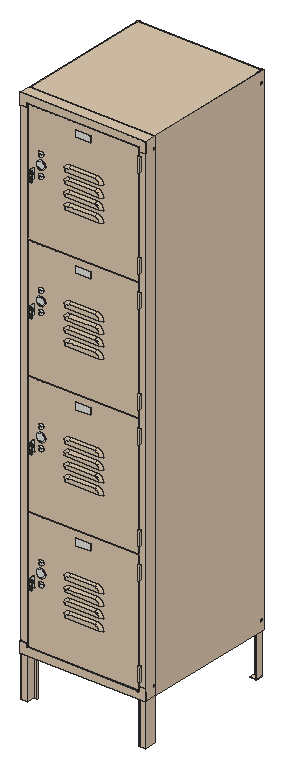
Revit family "Metal_Lockers-Salsbury_Industries-18_54000_Series-1_Wide_Units", category Specialty Equipment, Revit 2026 (continued)
Definition of nested family "Metal Locker End Panel"
  Forms (in)
    Extrusion 2, solid, material <- "Primary Structure Material", visible <- "Visible"
      sketch origin (0, 8.338, 0) x (0, 0, -1) y (1, 0, 0)
        loop
          line (-72, -5.0575) -> (0, -5.0575) -> (0, -4.1325) -> (-72, -4.1325) -> (-72, -5.0575)
      from 0 to -0.06
    Extrusion 3, solid, material <- "Primary Structure Material", visible <- "Visible"
      sketch origin (0, -12.672, 0) x (1, 0, 0) y (0, 0, 1)
        loop
          line (-5.0575, 70.283) -> (-5.0575, 1.717) -> (-4.1325, 1.717) -> (-4.1325, 70.283) -> (-5.0575, 70.283)
      from 0.06014 to 0
  Dimensions and locks (in)
    equal spacing: plane 6 "Front of Panel", plane 1 "Center (Front/Back)", plane 9 "Back of Panel"
    "Depth": plane 6 "Front of Panel" to plane 9 "Back of Panel"
    equal spacing: plane 8 "Left Side of Enclosure", plane 3 "Center (Left/Right)", plane 7 "Right Side of Enclosure"
    "Width": plane 8 "Left Side of Enclosure" to plane 7 "Right Side of Enclosure"
    equal spacing: plane 5 "Top of Panel", plane 10, plane 2
    "Height": plane 5 "Top of Panel" to plane 2
    locked: plane 5 "Top of Panel" to plane 11 at 1.717
    locked: plane 13 "Outside Edge of Front Flap" to plane 6 "Front of Panel" at 0.06014
    locked: plane 9 "Back of Panel" to plane 14 "Outside Edge of Back Flap" at 0.06
    aligned and locked: level to plane 2
    aligned and locked: plane 5 "Top of Panel" to Extrusion 1 sketch curve
    aligned and locked: plane 5 "Top of Panel" to Extrusion 2 sketch curve
    aligned and locked: Extrusion 2 to plane 9 "Back of Panel"
    aligned and locked: plane 11 to Extrusion 3 sketch curve
    aligned and locked: plane 6 "Front of Panel" to Extrusion 3
    aligned and locked: plane 14 "Outside Edge of Back Flap" to Extrusion 2
    aligned and locked: Extrusion 1 to plane 14 "Outside Edge of Back Flap"
    aligned and locked: plane 13 "Outside Edge of Front Flap" to Extrusion 3
    aligned and locked: Extrusion 2 to plane 7 "Right Side of Enclosure"
    aligned and locked: Extrusion 3 to plane 7 "Right Side of Enclosure"
  Automatic sketch dimensions
    Extrusion 1 sketch curve to level = 0.000"
    Extrusion 2 sketch curve to level = 0.000"
    plane 8 "Left Side of Enclosure" to Extrusion 2 sketch curve = 0.000"
    plane 7 "Right Side of Enclosure" to Extrusion 2 sketch curve = 0.000"
    plane 8 "Left Side of Enclosure" to Extrusion 3 sketch curve = 0.000"
    Extrusion 3 sketch curve to plane 12 = 0.000"
    plane 7 "Right Side of Enclosure" to Extrusion 3 sketch curve = 0.000"
    Extrusion 1 sketch curve to plane 14 "Outside Edge of Back Flap" = 0.000"
    plane 6 "Front of Panel" to Extrusion 1 sketch curve = 0.06014"
Definition of nested family "Metal Locker Front Filler"
  Parameters (values of type "77869 - for 6' H Lockers (Zee Base or No Legs)")
    Width = 9.000"
    Visible = yes
    Version = "1.0 (11/30/15)"
    Type Comments = "Vertical Front Filler for Standard Metal Lockers"
    Primary Structure Material = none
    Model = "77865"
    MasterFormat Title = ""
    MasterFormat Number = ""
    Manufacturer = "Salsbury Industries"
    Height = 72.000"
    Description = "9\" W Vertical Front Filler for 6' H Lockers"
    Depth = 1.500"
    Default Elevation = 0.000"
    Assembly Code = ""
  Types (9): name | Width | Visible | Model | Height | Description | Depth
    77865 - for 6' H Lockers with Legs | 15.000" | yes | "77865" | 78.000" | "15\" W Vertical Front Filler for 6' H Lockers" | 1.000"
    77869 - for 6' H Lockers with Legs | 9.000" | yes | "77865" | 78.000" | "9\" W Vertical Front Filler for 6' H Lockers" | 1.000"
    77855 - for 5' H Lockers with Legs | 15.000" | yes | "77855" | 66.000" | "15\" W Vertical Front Filler for 5' H Lockers" | 1.000"
    77859 - for 5' H Lockers with Legs | 9.000" | yes | "77859" | 66.000" | "9\" W Vertical Front Filler for 5' H Lockers" | 1.000"
    None | 15.000" | no | "n/a" | 78.000" | "" | 1.500"
    77865 - for 6' H Lockers (Zee Base or No Legs) | 15.000" | yes | "77865" | 72.000" | "15\" W Vertical Front Filler for 6' H Lockers" | 1.000"
    77869 - for 6' H Lockers (Zee Base or No Legs) | 9.000" | yes | "77865" | 72.000" | "9\" W Vertical Front Filler for 6' H Lockers" | 1.500"
    77859 - for 5' H Lockers (Zee Base or No Legs) | 9.000" | yes | "77859" | 60.000" | "9\" W Vertical Front Filler for 5' H Lockers" | 1.000"
    77855 - for 5' H Lockers (Zee Base or No Legs) | 15.000" | yes | "77855" | 60.000" | "15\" W Vertical Front Filler for 5' H Lockers" | 1.000"
  Reference planes (in)
    plane 1 "Center (Front/Back)": y = -2.167
    plane 2: z = 0
    plane 3 "Center (Left/Right)": x = -4.595
    plane 4 "Bottom of Filler": z = 0
    plane 5 "Top of Panel": z = 72
    plane 6 "Front of Filler": y = -2.917
    plane 7 "Right Side of Filler": x = -0.095
    plane 8 "Left Side of Filler": x = -9.095
    plane 9 "Back of Filler": y = -1.417
    plane 10: z = 36
  Forms (in)
    Extrusion 1, solid, material <- "Primary Structure Material", visible <- "Visible"
      sketch origin (0, 0, 0) x (0, -1, 0) y (1, 0, 0)
        loop
          line (1.417, -9.095) -> (2.917, -9.095) -> (2.917, -1.095) -> (2.869, -1.095) -> (2.869, -9.047) -> (1.417, -9.047) -> (1.417, -9.095)
      from 0 to 72
    Extrusion 2, solid, material <- "Primary Structure Material", visible <- "Visible"
      sketch origin (0, -0.20425, 0) x (0, -1, 0) y (1, 0, 0)
        loop
          line (1.30875, -0.095) -> (1.30875, -0.143) -> (2.76075, -0.143) -> (2.76075, -1.595) -> (2.80875, -1.595) -> (2.80875, -0.095) -> (1.30875, -0.095)
      from 0 to 72
    Extrusion 3, solid, material <- "Primary Structure Material", visible <- "Visible"
      sketch origin (0, 0.10825, 0) x (0, -1, 0) y (1, 0, 0)
        loop
          line (3.07325, -1.595) -> (3.07325, -0.82524) -> (3.02525, -0.82524) -> (3.02525, -1.376) -> (3.02525, -1.449) -> (3.02525, -1.522) -> (3.02525, -1.595) -> (3.07325, -1.595)
      from 0 to 72
    Extrusion 4, solid, material <- "Primary Structure Material", visible <- "Visible"
      sketch origin (0, 0, 0) x (0, -1, 0) y (1, 0, 0)
        loop
          line (2.917, -0.82524) -> (2.821, -0.82524) -> (2.821, -1.80024) -> (2.869, -1.80024) -> (2.869, -0.87324) -> (2.917, -0.87324) -> (2.917, -0.82524)
      from 0 to 72
  Dimensions and locks (in)
    equal spacing: plane 6 "Front of Filler", plane 1 "Center (Front/Back)", plane 9 "Back of Filler"
    "Depth": plane 6 "Front of Filler" to plane 9 "Back of Filler"
    equal spacing: plane 8 "Left Side of Filler", plane 3 "Center (Left/Right)", plane 7 "Right Side of Filler"
    "Width": plane 8 "Left Side of Filler" to plane 7 "Right Side of Filler"
    equal spacing: plane 5 "Top of Panel", plane 10, plane 2
    "Height": plane 5 "Top of Panel" to plane 2
    aligned and locked: level to plane 2
    aligned and locked: Extrusion 1 to plane 5 "Top of Panel"
    aligned and locked: Extrusion 2 to plane 5 "Top of Panel"
    aligned and locked: Extrusion 3 to plane 5 "Top of Panel"
    aligned and locked: Extrusion 4 to plane 5 "Top of Panel"
  Automatic sketch dimensions
    plane 9 "Back of Filler" to Extrusion 1 sketch curve = 0.000"
    plane 6 "Front of Filler" to Extrusion 1 sketch curve = 0.000"
    Extrusion 1 sketch curve to plane 8 "Left Side of Filler" = 0.000"
    Extrusion 1 sketch curve to plane 6 "Front of Filler" = 0.048"
    Extrusion 1 sketch curve to Extrusion 1 sketch curve = 0.048"
    plane 7 "Right Side of Filler" to Extrusion 1 sketch curve = 1.000"
    Extrusion 2 sketch curve to plane 7 "Right Side of Filler" = 0.000"
    plane 7 "Right Side of Filler" to Extrusion 2 sketch curve = 0.048"
    plane 9 "Back of Filler" to Extrusion 2 sketch curve = 0.096"
    plane 6 "Front of Filler" to Extrusion 2 sketch curve = 0.048"
    Extrusion 2 sketch curve to Extrusion 2 sketch curve = 0.048"
    Extrusion 2 sketch curve to Extrusion 2 sketch curve = 1.452"
    plane 6 "Front of Filler" to Extrusion 3 sketch curve = 0.000"
    plane 7 "Right Side of Filler" to Extrusion 3 sketch curve = 1.500"
    Extrusion 3 sketch curve to Extrusion 3 sketch curve = 0.073"  (x3)
    Extrusion 3 sketch curve to Extrusion 3 sketch curve = 0.55076"
    Extrusion 3 sketch curve to Extrusion 3 sketch curve = 0.048"
    plane 6 "Front of Filler" to Extrusion 4 sketch curve = 0.000"
    Extrusion 4 sketch curve to plane 6 "Front of Filler" = 0.048"
    Extrusion 4 sketch curve to Extrusion 4 sketch curve = 0.048"  (x2)
    plane 7 "Right Side of Filler" to Extrusion 4 sketch curve = 1.70524"
    plane 7 "Right Side of Filler" to Extrusion 4 sketch curve = 0.77824"
Definition of nested family "Metal Locker Flat Top Filler"
  Parameters (values of type "77841 - for 21" Deep Lockers (9" W)")
    Width = 10.250"
    Visible = yes
    Version = "1.0 (11/30/15)"
    Type Comments = "Flat Top Filler for Standard Metal Lockers"
    Primary Structure Material = none
    Model = "77841"
    MasterFormat Title = ""
    MasterFormat Number = ""
    Manufacturer = "Salsbury Industries"
    Height = 1.003"
    Description = "9\"W Flat Top In-Line Filler"
    Depth = 21.118"
    Default Elevation = 0.000"
    Assembly Code = ""
  Types (9): name | Width | Visible | Model | Description | Depth
    77842 - for 12" Deep Lockers (15" W) | 16.250" | yes | "77842" | "15\"W Flat Top In-Line Filler" | 12.118"
    77842 - for 12" Deep Lockers (9" W) | 10.250" | yes | "77842" | "15\"W Flat Top In-Line Filler" | 12.118"
    77845 - for 15" Deep Lockers (15" W) | 16.250" | yes | "77845" | "15\"W Flat Top In-Line Filler" | 15.118"
    77845 - for 15" Deep Lockers (9" W) | 10.250" | yes | "77845" | "15\"W Flat Top In-Line Filler" | 15.118"
    77848 - for 18" Deep Lockers (15" W) | 16.250" | yes | "77848" | "15\"W Flat Top In-Line Filler" | 18.118"
    77848 - for 18" Deep Lockers (9" W) | 10.250" | yes | "77848" | "15\"W Flat Top In-Line Filler" | 18.118"
    None | 16.250" | no | "" | "15\"W Flat Top In-Line Filler" | 12.118"
    77841 - for 21" Deep Lockers (15" W) | 16.250" | yes | "77841" | "15\"W Flat Top In-Line Filler" | 21.118"
    77841 - for 21" Deep Lockers (9" W) | 10.250" | yes | "77841" | "9\"W Flat Top In-Line Filler" | 21.118"
  Reference planes (in)
    plane 1 "Center (Front/Back)": y = -2.167
    plane 2: z = 0
    plane 3 "Center (Left/Right)": x = -4.595
    plane 4 "Bottom of Panel": z = 0
    plane 5 "Top of Panel": z = 1.003
    plane 6 "Front of Panel": y = -12.726
    plane 7 "Right Side of Enclosure": x = 0.53
    plane 8 "Left Side of Enclosure": x = -9.72
    plane 9 "Back of Panel": y = 8.392
    plane 10: z = 0.5015
  Forms (in)
    Extrusion 1, solid, material <- "Primary Structure Material", visible <- "Visible"
      sketch origin (-4.595, 0, 0) x (0, 1, 0) y (0, 0, 1)
        loop
          line (-12.726, 0) -> (-12.678, 0) -> (-12.678, 0.955) -> (8.392, 0.955) -> (8.392, 1.003) -> (-12.726, 1.003) -> (-12.726, 0)
      from -5.125 to 5.125
  Dimensions and locks (in)
    equal spacing: plane 6 "Front of Panel", plane 1 "Center (Front/Back)", plane 9 "Back of Panel"
    "Depth": plane 6 "Front of Panel" to plane 9 "Back of Panel"
    equal spacing: plane 8 "Left Side of Enclosure", plane 3 "Center (Left/Right)", plane 7 "Right Side of Enclosure"
    "Width": plane 8 "Left Side of Enclosure" to plane 7 "Right Side of Enclosure"
    equal spacing: plane 5 "Top of Panel", plane 10, plane 2
    "Height": plane 5 "Top of Panel" to plane 2
    aligned and locked: level to plane 2
    aligned and locked: Extrusion 1 to plane 7 "Right Side of Enclosure"
    aligned and locked: plane 8 "Left Side of Enclosure" to Extrusion 1
    aligned and locked: plane 6 "Front of Panel" to Extrusion 1
    aligned and locked: Extrusion 1 to plane 9 "Back of Panel"
  Automatic sketch dimensions
    plane 5 "Top of Panel" to Extrusion 1 sketch curve = 0.000"
    Extrusion 1 sketch curve to plane 6 "Front of Panel" = 0.000"
    Extrusion 1 sketch curve to level = 0.000"
    Extrusion 1 sketch curve to plane 9 "Back of Panel" = 0.000"
    Extrusion 1 sketch curve to plane 6 "Front of Panel" = 0.048"
    plane 5 "Top of Panel" to Extrusion 1 sketch curve = 0.048"
Definition of nested family "Metal Locker Flat Corner Filler"
  Parameters (values of type "77831 - for 21" Deep Lockers")
    Width = 21.625"
    Visible = yes
    Version = "1.0 (11/30/15)"
    Type Comments = "Flat Top Corner Filler for Standard Metal Lockers"
    Primary Structure Material = none
    Model = "77831"
    MasterFormat Title = ""
    MasterFormat Number = ""
    Manufacturer = "Salsbury Industries"
    Height = 0.048"
    Description = "21\"W Flat Top Corner Filler"
    Depth = 21.625"
    Default Elevation = 0.000"
    Assembly Code = ""
  Types (5): name | Width | Visible | Model | Description | Depth
    77832 - for 12" Deep Lockers | 12.625" | yes | "77832" | "12\"W Flat Top Corner Filler" | 12.625"
    77835 - for 15" Deep Lockers | 15.625" | yes | "77835" | "15\"W Flat Top Corner Filler" | 15.625"
    77838 - for 18" Deep Lockers | 18.625" | yes | "77838" | "18\"W Flat Top Corner Filler" | 18.625"
    None | 12.625" | no | "" | "" | 12.625"
    77831 - for 21" Deep Lockers | 21.625" | yes | "77831" | "21\"W Flat Top Corner Filler" | 21.625"
  Reference planes (in)
    plane 1 "Center (Front/Back)": y = -2.167
    plane 2: z = 0
    plane 3 "Center (Left/Right)": x = -4.595
    plane 4 "Bottom of Panel": z = 0
    plane 5 "Top of Panel": z = 0.048
    plane 6 "Front of Panel": y = -12.9795
    plane 7 "Right Side of Enclosure": x = 6.2175
    plane 8 "Left Side of Enclosure": x = -15.4075
    plane 9 "Back of Panel": y = 8.6455
    plane 10: z = 0.024
  Forms (in)
    Extrusion 1, solid, material <- "Primary Structure Material", visible <- "Visible"
      sketch origin (0, 0, 0) x (0, -1, 0) y (1, 0, 0)
        loop
          line (12.3545, -15.4075) -> (12.3545, -14.7825) -> (12.9795, -14.7825) -> (12.9795, 6.2175) -> (-8.6455, 6.2175) -> (-8.6455, -15.4075) -> (12.3545, -15.4075)
      from 0 to 0.048
  Dimensions and locks (in)
    equal spacing: plane 6 "Front of Panel", plane 1 "Center (Front/Back)", plane 9 "Back of Panel"
    "Depth": plane 6 "Front of Panel" to plane 9 "Back of Panel"
    equal spacing: plane 8 "Left Side of Enclosure", plane 3 "Center (Left/Right)", plane 7 "Right Side of Enclosure"
    "Width": plane 8 "Left Side of Enclosure" to plane 7 "Right Side of Enclosure"
    equal spacing: plane 5 "Top of Panel", plane 10, plane 2
    "Height": plane 5 "Top of Panel" to plane 2
    aligned and locked: level to plane 2
    aligned and locked: Extrusion 1 to plane 9 "Back of Panel"
    aligned and locked: plane 6 "Front of Panel" to Extrusion 1
    aligned and locked: Extrusion 1 to plane 7 "Right Side of Enclosure"
    aligned and locked: plane 8 "Left Side of Enclosure" to Extrusion 1
  Automatic sketch dimensions
    Extrusion 1 sketch curve to plane 8 "Left Side of Enclosure" = 0.000"
    plane 9 "Back of Panel" to Extrusion 1 sketch curve = 0.000"
    plane 6 "Front of Panel" to Extrusion 1 sketch curve = 0.000"
    Extrusion 1 sketch curve to plane 7 "Right Side of Enclosure" = 0.000"
    Extrusion 1 sketch curve to plane 8 "Left Side of Enclosure" = 0.625"
    Extrusion 1 sketch curve to plane 6 "Front of Panel" = 0.625"
Definition of nested family "Metal Locker Sloping Hood"
  Parameters (values of type "77798 - for 18" Deep Lockers (1 Wide)")
    Width = 18.040"
    Visible = yes
    Version = "1.0 (11/30/15)"
    Type Comments = "Sloping Hood for Standard Metal Lockers"
    Slope Angle = 30.723°
    Primary Structure Material = none
    Model = "77798"
    MasterFormat Title = ""
    MasterFormat Number = ""
    Manufacturer = "Salsbury Industries"
    Height = 10.739"
    Dividing Lines = no
    Description = "18\" Deep for up to (3) 18\" Wide Lockers"
    Depth = 18.070"
    Default Elevation = 0.000"
    Assembly Code = ""
  Types (16): name | Width | Visible | Slope Angle | Model | Height | Dividing Lines | Description | Depth
    77752 - for 12" Deep Lockers (1 Wide) | 12.040" | yes | 28.761° | "77752" | 6.625" | no | "12\" Deep for up to (3) 12\" Wide Lockers" | 12.070"
    77752 - for 12" Deep Lockers (3 Wide) | 36.040" | yes | 28.761° | "77752" | 6.625" | yes | "12\" Deep for up to (3) 12\" Wide Lockers" | 12.070"
    77755 - for 15" Deep Lockers (1 Wide) | 12.040" | yes | 29.946° | "77755" | 8.682" | no | "15\" Deep for up to (3) 12\" Wide Lockers" | 15.070"
    77755 - for 15" Deep Lockers (3 Wide) | 36.040" | yes | 29.946° | "77755" | 8.628" | yes | "15\" Deep for up to (3) 12\" Wide Lockers" | 15.070"
    77758 - for 18" Deep Lockers (1 Wide) | 12.040" | yes | 30.723° | "77758" | 10.739" | no | "18\" Deep for up to (3) 12\" Wide Lockers" | 18.070"
    77758 - for 18" Deep Lockers (3 Wide) | 36.040" | yes | 30.723° | "77758" | 10.739" | yes | "18\" Deep for up to (3) 12\" Wide Lockers" | 18.070"
    None | 12.000" | no | 28.761° | "" | 6.625" | no | "" | 12.070"
    77765 - for 15" Deep Lockers (1 Wide) | 15.040" | yes | 29.946° | "77752" | 8.682" | no | "12\" Deep for up to (3) 12\" Wide Lockers" | 15.070"
    77768 - for 18" Deep Lockers (1 Wide) | 15.040" | yes | 30.723° | "77752" | 10.739" | no | "12\" Deep for up to (3) 12\" Wide Lockers" | 18.070"
    77765 - for 15" Deep Lockers (3 Wide) | 45.040" | yes | 29.946° | "77752" | 8.682" | yes | "12\" Deep for up to (3) 12\" Wide Lockers" | 15.070"
    77768 - for 18" Deep Lockers (3 Wide) | 45.040" | yes | 30.723° | "77752" | 10.739" | yes | "12\" Deep for up to (3) 12\" Wide Lockers" | 18.070"
    77759 - for 18" Deep Bridge Lockers | 72.040" | yes | 30.723° | "77752" | 6.625" | no | "12\" Deep for up to (3) 12\" Wide Lockers" | 18.070"
    77798 - for 18" Deep Lockers (1 Wide) | 18.040" | yes | 30.723° | "77798" | 10.739" | no | "18\" Deep for up to (3) 18\" Wide Lockers" | 18.070"
    77798 - for 18" Deep Lockers (3 Wide) | 54.040" | yes | 30.723° | "77798" | 10.739" | no | "18\" Deep for up to (3) 18\" Wide Lockers" | 18.070"
    77791 - for 21" Deep Lockers (1 Wide) | 18.040" | yes | 31.315° | "77791" | 12.796" | no | "21\" Deep for up to (3) 18\" Wide Lockers" | 21.070"
    77791 - for 21" Deep Lockers (3 Wide) | 54.040" | yes | 31.315° | "77791" | 12.796" | no | "21\" Deep for up to (3) 18\" Wide Lockers" | 21.070"
  Reference planes (in)
    plane 1 "Center (Front/Back)": y = -2.167
    plane 2: z = 0
    plane 3 "Center (Left/Right)": x = -4.595
    plane 4 "Bottom of Panel": z = 0
    plane 5 "Top of Panel": z = 10.739
    plane 6 "Front of Panel": y = -11.202
    plane 7 "Right Side of Enclosure": x = 4.425
    plane 8 "Left Side of Enclosure": x = -13.615
    plane 9 "Back of Panel": y = 6.868
    plane 10: z = 5.3695
    plane 11: through (0, -8.17981, 1.79608) normal (0, -0.5109, 0.8596)
    plane 12: through (0, -8.30408, 1.68617) normal (0, -0.5109, 0.8596)
    plane 13: y = 6.837
    plane 14: y = 6.806
    plane 15: y = 6.775
    plane 16: y = 6.37433
    plane 17 "Divider 1": x = -7.60167
    plane 18 "Divider 2": x = -1.58833
    plane 19: z = 10.68693
  Forms (in)
    Extrusion 1, solid, material <- "Primary Structure Material", visible <- "Visible"
      sketch origin (4.425, 0, 0) x (0, 0, -1) y (0, -1, 0)
        loop
          line (-10.73899, -6.868) -> (0, -6.868) -> (0, 11.202) -> (-10.73899, -6.868)
      from 0 to 0.031
    Extrusion 2, solid, material <- "Primary Structure Material", visible <- "Visible"
      sketch origin (4.425, 0, 0) x (0, 0, -1) y (0, -1, 0)
        loop
          line (0, -6.868) -> (0, -6.837) -> (-10.72057, -6.837) -> (-10.73899, -6.868) -> (0, -6.868)
      from 0.03098 to 0.40598
    Extrusion 3, solid, material <- "Primary Structure Material", visible <- "Visible"
      sketch origin (4.425, 0, 0) x (0, 0, -1) y (0, -1, 0)
        loop
          line (0, -6.837) -> (0, 11.14132) -> (-0.031, 11.08916) -> (-0.031, -6.837) -> (0, -6.837)
      from 0.031 to 0.80198
    Extrusion 4, solid, material <- "Primary Structure Material", visible <- "Visible"
      sketch origin (-13.615, 0, 0) x (0, 0, -1) y (0, -1, 0)
        loop
          line (-10.73899, -6.868) -> (0, -6.868) -> (0, 11.202) -> (-10.73899, -6.868)
      from 0 to -0.031
    Extrusion 5, solid, material <- "Primary Structure Material", visible <- "Visible"
      sketch origin (-13.615, 0, 0) x (0, 0, -1) y (0, -1, 0)
        loop
          line (0, -6.868) -> (0, -6.837) -> (-10.72057, -6.837) -> (-10.73899, -6.868) -> (0, -6.868)
      from -0.031 to -0.406
    Extrusion 6, solid, material <- "Primary Structure Material", visible <- "Visible"
      sketch origin (-13.615, 0, 0) x (0, 0, -1) y (0, -1, 0)
        loop
          line (0, -6.837) -> (0, 11.14132) -> (-0.031, 11.08916) -> (-0.031, -6.837) -> (0, -6.837)
      from -0.031 to -0.802
    Extrusion 7, solid, material <- "Primary Structure Material", visible <- "Visible"
      sketch origin (-4.595, 0, 0) x (0, 1, 0) y (0, 0, 1)
        loop
          line (6.837, 10.72057) -> (-11.202, 0) -> (-10.85045, 0) -> (-10.85045, 0.031) -> (-11.08916, 0.031) -> (6.806, 10.66609) -> (6.806, 10.32873) -> (6.837, 10.32873) -> (6.837, 10.72057)
      from -8.989 to 8.989
    Extrusion 8, solid, material <- "Primary Structure Material", visible <- "Visible"
      sketch origin (-4.595, -0.031, -2.00531) x (0, 1, 0) y (0, 0, 1)
        loop
          line (6.837, 2.00531) -> (6.837, 12.6714) -> (6.806, 12.65298) -> (6.806, 2.00531) -> (6.837, 2.00531)
      from -8.989 to 8.989
    Extrusion 9, solid, material <- "Primary Structure Material", visible <- "Visible"
      sketch origin (0, -0.031, 0) x (0, -1, 0) y (1, 0, 0)
        loop
          line (-6.806, -12.75653) -> (-6.40533, -12.75653) -> (-6.40533, 3.56919) -> (-6.806, 3.56919) -> (-6.806, -12.75653)
      from 0.031 to 0.06464
  Lines and regions (in)
    model lines, visible <- "Dividing Lines"
      curve 1: line (-7.60167, -11.2136, -0.0069) -> (-7.60167, 6.868, 10.73899)
      curve 2: line (-1.58833, -11.2136, -0.0069) -> (-1.58833, 6.868, 10.73899)
  Dimensions and locks (in)
    equal spacing: plane 6 "Front of Panel", plane 1 "Center (Front/Back)", plane 9 "Back of Panel"
    "Depth": plane 6 "Front of Panel" to plane 9 "Back of Panel"
    equal spacing: plane 8 "Left Side of Enclosure", plane 17 "Divider 1", plane 18 "Divider 2", plane 7 "Right Side of Enclosure"
    "Width": plane 8 "Left Side of Enclosure" to plane 7 "Right Side of Enclosure"
    equal spacing: plane 5 "Top of Panel", plane 10, plane 2
    "Height": plane 5 "Top of Panel" to plane 2
    locked: plane 11 to plane 12 at 0.031
    plane 16 to plane 15 to plane 14 to plane 13 to plane 9 "Back of Panel" = 0.40067", 0.031", 0.031", 0.031"
    equal spacing: plane 8 "Left Side of Enclosure", plane 3 "Center (Left/Right)", plane 7 "Right Side of Enclosure"
    locked: plane 19 to plane 5 "Top of Panel" at 0.05207
    "Slope Angle": angle plane 4 "Bottom of Panel" to plane 11
    aligned and locked: level to plane 2
    aligned and locked: Extrusion 1 to plane 9 "Back of Panel"
    aligned and locked: plane 4 "Bottom of Panel" to Extrusion 1
    aligned and locked: Extrusion 7 to Extrusion 1
    aligned and locked: Extrusion 7 to Extrusion 4
    aligned and locked: Extrusion 7 to Extrusion 8  (x2)
    aligned and locked: plane 11 to Extrusion 7 sketch curve
    aligned and locked: plane 12 to Extrusion 7 sketch curve
    aligned and locked: Extrusion 4 sketch curve to plane 11
    aligned and locked: Extrusion 1 sketch curve to plane 11
    aligned and locked: Extrusion 3 sketch curve to plane 12
    aligned and locked: Extrusion 6 sketch curve to plane 12
    aligned and locked: plane 13 to Extrusion 7
    aligned and locked: plane 16 to Extrusion 9
    aligned and locked: plane 13 to Extrusion 7 sketch curve
    aligned and locked: Extrusion 7 sketch curve to plane 14
    aligned and locked: plane 13 to Extrusion 2 sketch curve
    aligned and locked: plane 11 to Extrusion 2 sketch curve
    aligned and locked: plane 13 to Extrusion 5 sketch curve
    aligned and locked: plane 11 to Extrusion 5 sketch curve
    aligned and locked: curve 2 to plane 18 "Divider 2"
    aligned and locked: curve 1 to plane 17 "Divider 1"
    aligned and locked: plane 4 "Bottom of Panel" to Extrusion 8
  Automatic sketch dimensions
    Extrusion 7 sketch curve to level = 0.000"
    level to Extrusion 7 sketch curve = 0.031"
    Extrusion 7 sketch curve to Extrusion 7 sketch curve = 0.23871"
    Extrusion 7 sketch curve to Extrusion 7 sketch curve = 0.33736"
    Extrusion 1 sketch curve to plane 9 "Back of Panel" = 0.000"
    Extrusion 1 sketch curve to level = 0.000"
    Extrusion 2 sketch curve to plane 9 "Back of Panel" = 0.000"
    Extrusion 2 sketch curve to level = 0.000"
    Extrusion 3 sketch curve to plane 13 = 0.000"
    Extrusion 3 sketch curve to level = 0.000"
    level to Extrusion 3 sketch curve = 0.031"
    Extrusion 4 sketch curve to plane 9 "Back of Panel" = 0.000"
    Extrusion 4 sketch curve to level = 0.000"
    Extrusion 5 sketch curve to plane 9 "Back of Panel" = 0.000"
    Extrusion 5 sketch curve to level = 0.000"
    Extrusion 6 sketch curve to plane 13 = 0.000"
    Extrusion 6 sketch curve to level = 0.000"
    Extrusion 6 sketch curve to Extrusion 6 sketch curve = 0.031"
    plane 15 to Extrusion 9 sketch curve = 0.000"
    plane 16 to Extrusion 9 sketch curve = 0.000"
    Extrusion 9 sketch curve to plane 8 "Left Side of Enclosure" = 0.85847"
    plane 7 "Right Side of Enclosure" to Extrusion 9 sketch curve = 0.85581"
    curve 1 to plane 9 "Back of Panel" = 0.000"
    plane 11 to curve 1 = 0.000"
    curve 1 to plane 11 = 0.000"
    curve 1 to level = 0.0069"
    curve 2 to plane 9 "Back of Panel" = 0.000"
    plane 11 to curve 2 = 0.000"
    curve 2 to plane 11 = 0.000"
    curve 2 to level = 0.0069"
    Extrusion 8 sketch curve to level = 0.000"
    Extrusion 8 sketch curve to plane 15 = 0.000"
    plane 12 to Extrusion 8 sketch curve = 0.000"  (x2)
    Extrusion 8 sketch curve to plane 14 = 0.000"
Definition of nested family "Metal Locker Sloping Top Filler"
  Parameters (values of type "77881 - for 21" Deep Lockers (15" W)")
    Width = 16.250"
    Visible = yes
    Version = "1.0 (11/30/15)"
    Type Comments = "Sloping Hood In-Line Filler for Standard Metal Lockers"
    Slope Angle = 31.315°
    Primary Structure Material = none
    Model = "77881"
    MasterFormat Title = ""
    MasterFormat Number = ""
    Manufacturer = "Salsbury Industries"
    Height = 1.003"
    Description = "15\"W Sloping Hood In-Line Filler"
    Depth = 21.118"
    Default Elevation = 0.000"
    Assembly Code = ""
  Types (9): name | Width | Visible | Type Comments | Slope Angle | Model | Description | Depth
    77882 - for 12" Deep Lockers (15" W) | 16.250" | yes | "Sloping Hood In-Line Filler for Standard Metal Lockers" | 28.761° | "77882" | "15\"W Sloping Hood In-Line Filler" | 12.118"
    77882 - for 12" Deep Lockers (9" W) | 10.250" | yes | "Sloping Hood In-Line Filler for Standard Metal Lockers" | 28.761° | "77882" | "15\"W Sloping Hood In-Line Filler" | 12.118"
    77885 - for 15" Deep Lockers (15" W) | 16.250" | yes | "Sloping Hood In-Line Filler for Standard Metal Lockers" | 29.946° | "77885" | "15\"W Sloping Hood In-Line Filler" | 15.118"
    77885 - for 15" Deep Lockers (9" W) | 10.250" | yes | "Sloping Hood In-Line Filler for Standard Metal Lockers" | 29.946° | "77885" | "15\"W Sloping Hood In-Line Filler" | 15.118"
    77888 - for 18" Deep Lockers (15" W) | 16.250" | yes | "Sloping Hood In-Line Filler for Standard Metal Lockers" | 30.723° | "77888" | "15\"W Sloping Hood In-Line Filler" | 18.118"
    77888 - for 18" Deep Lockers (9" W) | 10.250" | yes | "Sloping Hood In-Line Filler for Standard Metal Lockers" | 30.723° | "77888" | "15\"W Sloping Hood In-Line Filler" | 18.118"
    None | 16.250" | no | "Sloping Hood for Standard Metal Lockers" | 28.761° | "" | "" | 12.118"
    77881 - for 21" Deep Lockers (15" W) | 16.250" | yes | "Sloping Hood In-Line Filler for Standard Metal Lockers" | 31.315° | "77881" | "15\"W Sloping Hood In-Line Filler" | 21.118"
    77881 - for 21" Deep Lockers (9" W) | 10.250" | yes | "Sloping Hood In-Line Filler for Standard Metal Lockers" | 31.315° | "77881" | "15\"W Sloping Hood In-Line Filler" | 21.118"
  Reference planes (in)
    plane 1 "Center (Front/Back)": y = -2.167
    plane 2: z = 0
    plane 3 "Center (Left/Right)": x = -4.595
    plane 4 "Bottom of Panel": z = 0
    plane 5 "Top of Panel": z = 1.003
    plane 6 "Front of Panel": y = -12.726
    plane 7 "Right Side of Enclosure": x = 3.53
    plane 8 "Left Side of Enclosure": x = -12.72
    plane 9 "Back of Panel": y = 8.392
    plane 10: z = 0.5015
    plane 11: through (0, -8.76771, 2.4081) normal (0, -0.5197, 0.8543)
    plane 12: through (0, -8.882, 2.28238) normal (0, -0.5197, 0.8543)
  Forms (in)
    Extrusion 1, solid, material <- "Primary Structure Material", visible <- "Visible"
      sketch origin (-4.595, 0, 0) x (0, 1, 0) y (0, 0, 1)
        loop
          line (8.392, 12.84752) -> (-12.726, 0) -> (-12.726, -1.028) -> (-12.68034, -1.028) -> (-12.68034, -0.02841) -> (8.392, 12.79133) -> (8.392, 12.84752)
      from -8.125 to 8.125
  Dimensions and locks (in)
    equal spacing: plane 6 "Front of Panel", plane 1 "Center (Front/Back)", plane 9 "Back of Panel"
    "Depth": plane 6 "Front of Panel" to plane 9 "Back of Panel"
    equal spacing: plane 8 "Left Side of Enclosure", plane 3 "Center (Left/Right)", plane 7 "Right Side of Enclosure"
    "Width": plane 8 "Left Side of Enclosure" to plane 7 "Right Side of Enclosure"
    equal spacing: plane 5 "Top of Panel", plane 10, plane 2
    "Height": plane 5 "Top of Panel" to plane 2
    locked: plane 11 to plane 12 at 0.048
    "Slope Angle": angle plane 4 "Bottom of Panel" to plane 11
    aligned and locked: level to plane 2
    aligned and locked: Extrusion 1 sketch curve to plane 11
    aligned and locked: Extrusion 1 sketch curve to plane 12
    aligned and locked: Extrusion 1 to plane 7 "Right Side of Enclosure"
    aligned and locked: plane 8 "Left Side of Enclosure" to Extrusion 1
  Automatic sketch dimensions
    Extrusion 1 sketch curve to plane 6 "Front of Panel" = 0.000"
    Extrusion 1 sketch curve to Extrusion 1 sketch curve = 0.99959"
    Extrusion 1 sketch curve to level = 0.02841"
    Extrusion 1 sketch curve to plane 9 "Back of Panel" = 0.000"
Definition of nested family "Metal Locker Sloping Corner Filler"
  Parameters (values of type "77871 - for 21" Deep Lockers")
    Width = 21.695"
    Visible = yes
    Version = "1.0 (11/30/15)"
    Type Comments = "Sloping Hood Corner Filler for Standard Metal Lockers"
    Slope Angle 2 = 31.315°
    Slope Angle 1 = 31.315°
    Primary Structure Material = none
    Model = "77871"
    MasterFormat Title = ""
    MasterFormat Number = ""
    Manufacturer = "Salsbury Industries"
    Height = 6.87897"
    Description = "21\"D Sloping Hood Corner Filler"
    Depth = 21.695"
    Default Elevation = 0.000"
    Assembly Code = ""
  Types (5): name | Width | Visible | Slope Angle 2 | Slope Angle 1 | Model | Description | Depth
    77872 - for 12" Deep Lockers | 12.695" | yes | 28.761° | 28.761° | "77872" | "12\"D Sloping Hood Corner Filler" | 12.695"
    77875 - for 15" Deep Lockers | 15.695" | yes | 29.946° | 29.946° | "77875" | "15\"D Sloping Hood Corner Filler" | 15.695"
    77878 - for 18" Deep Lockers | 18.695" | yes | 30.723° | 30.723° | "77878" | "18\"D Sloping Hood Corner Filler" | 18.695"
    None | 12.695" | no | 28.723° | 28.723° | "" | "" | 12.695"
    77871 - for 21" Deep Lockers | 21.695" | yes | 31.315° | 31.315° | "77871" | "21\"D Sloping Hood Corner Filler" | 21.695"
  Reference planes (in)
    plane 1 "Center (Front/Back)": y = -2.167
    plane 2: z = 0
    plane 3 "Center (Left/Right)": x = -4.595
    plane 4 "Bottom of Panel": z = 0
    plane 5 "Top of Panel": z = 6.87897
    plane 6 "Front of Panel": y = -13.0145
    plane 7 "Right Side of Enclosure": x = 6.2525
    plane 8 "Left Side of Enclosure": x = -15.4425
    plane 9 "Back of Panel": y = 8.6805
    plane 10 "Center Top/Bottom": z = 3.43948
    plane 11 "Slope 1": through (0, -8.44584, 2.77943) normal (0, -0.5197, 0.8543)
    plane 12: through (0, -8.56013, 2.65371) normal (0, -0.5197, 0.8543)
    plane 13 "Diagonal Plane": through (-10.86131, 4.09969, 48) normal (0.7071, 0.7071, 0)
    plane 14 "Cutout Plane 1": y = -12.3895
    plane 15 "Cutout Plane 2": x = 5.6275
    plane 16 "Slope 2": through (2.44229, -180, 2.31801) normal (-0.5197, 0, -0.8543)
    plane 17: through (5.95459, -180, 0.12527) normal (-0.5197, 0, -0.8543)
  Forms (in)
    Extrusion 1, solid, material <- "Primary Structure Material", visible <- "Visible"
      sketch origin (-4.595, 0, 0) x (0, 1, 0) y (0, 0, 1)
        loop
          line (-12.3895, 0.32405) -> (8.6805, 13.14236) -> (8.6805, 13.19855) -> (-12.3895, 0.38023) -> (-12.3895, 0.32405)
      from -10.8475 to 10.8475
    Extrusion 2, void
      sketch origin (0, 0, 3.43948) x (1, 0, 0) y (0, 1, 0)
        loop
          line (6.25288, -13.0145) -> (-15.4425, 8.68088) -> (-15.4425, -13.0145) -> (6.25288, -13.0145)
      from -3.43948 to 9.70288
    Extrusion 3, solid, material <- "Primary Structure Material", visible <- "Visible"
      sketch origin (0, -2.167, 0) x (1, 0, 0) y (0, 0, 1)
        loop
          line (5.6275, 0.32426) -> (5.6275, 0.38023) -> (-15.4425, 13.19855) -> (-15.4425, 13.14258) -> (5.6275, 0.32426)
      from -10.8475 to 10.8475
    Extrusion 4, void
      sketch origin (-4.595, 0, 0) x (0, 1, 0) y (0, 0, 1)
        loop
          line (8.6805, 0) -> (8.6805, 13.14236) -> (-12.92215, 0) -> (8.6805, 0)
      from -10.8475 to 10.8475
    Extrusion 5, solid, not visible
      sketch origin (5.6275, 0, 0) x (0, -1, 0) y (0, 0, 1)
        loop
          line (13.10982, 0.2885) -> (12.3895, 0.2885) -> (12.3895, 0) -> (13.10982, 0) -> (13.10982, 0.2885)
      from -0.72026 to 0
  Cuts and joins
    Extrusion 2, Extrusion 4 cuts Extrusion 1
    Extrusion 4 cuts Extrusion 3
  Dimensions and locks (in)
    equal spacing: plane 6 "Front of Panel", plane 1 "Center (Front/Back)", plane 9 "Back of Panel"
    "Depth": plane 6 "Front of Panel" to plane 9 "Back of Panel"
    equal spacing: plane 8 "Left Side of Enclosure", plane 3 "Center (Left/Right)", plane 7 "Right Side of Enclosure"
    "Width": plane 8 "Left Side of Enclosure" to plane 7 "Right Side of Enclosure"
    equal spacing: plane 5 "Top of Panel", plane 10 "Center Top/Bottom", plane 2
    "Height": plane 5 "Top of Panel" to plane 2
    locked: plane 11 "Slope 1" to plane 12 at 0.048
    locked: plane 15 "Cutout Plane 2" to plane 7 "Right Side of Enclosure" at 0.625
    locked: plane 6 "Front of Panel" to plane 14 "Cutout Plane 1" at 0.625
    locked: plane 17 to plane 16 "Slope 2" at 0.04782
    "Slope Angle 1": angle plane 4 "Bottom of Panel" to plane 11 "Slope 1"
    "Slope Angle 2": angle plane 16 "Slope 2" to plane 4 "Bottom of Panel"
    aligned and locked: level to plane 2
    aligned and locked: Extrusion 1 sketch curve to plane 14 "Cutout Plane 1"
    aligned and locked: Extrusion 1 sketch curve to plane 9 "Back of Panel"
    aligned and locked: Extrusion 1 sketch curve to plane 11 "Slope 1"
    aligned and locked: Extrusion 1 sketch curve to plane 12
    aligned and locked: plane 8 "Left Side of Enclosure" to Extrusion 1
    aligned and locked: Extrusion 1 to plane 7 "Right Side of Enclosure"
    aligned and locked: plane 6 "Front of Panel" to Extrusion 2 sketch curve
    aligned and locked: plane 8 "Left Side of Enclosure" to Extrusion 2 sketch curve
    aligned and locked: plane 13 "Diagonal Plane" to Extrusion 2 sketch curve
    aligned and locked: cut or joined group of Extrusion 1, Extrusion 2, Extrusion 4 to plane 4 "Bottom of Panel"
    aligned and locked: Extrusion 4 sketch curve to level
    aligned and locked: Extrusion 4 sketch curve to plane 9 "Back of Panel"
    aligned and locked: Extrusion 4 sketch curve to plane 12
    aligned and locked: Extrusion 4 to plane 7 "Right Side of Enclosure"
    aligned and locked: plane 8 "Left Side of Enclosure" to Extrusion 4
    aligned and locked: cut or joined group of Extrusion 3, Extrusion 4 to plane 15 "Cutout Plane 2"
    aligned and locked: plane 6 "Front of Panel" to cut or joined group of Extrusion 3, Extrusion 4
    aligned and locked: cut or joined group of Extrusion 3, Extrusion 4 to plane 9 "Back of Panel"
    aligned and locked: Extrusion 3 sketch curve to plane 15 "Cutout Plane 2"
    aligned and locked: Extrusion 3 sketch curve to plane 16 "Slope 2"
    aligned and locked: plane 8 "Left Side of Enclosure" to Extrusion 3 sketch curve
    aligned and locked: Extrusion 3 sketch curve to plane 17
  Automatic sketch dimensions
    Extrusion 5 sketch curve to plane 14 "Cutout Plane 1" = 0.000"
    Extrusion 5 sketch curve to level = 0.000"
    plane 6 "Front of Panel" to Extrusion 5 sketch curve = 0.09532"
    Extrusion 5 sketch curve to Extrusion 5 sketch curve = 0.2885"
Types (6): name | Zee Base | Unit Height including Sloping Hood Only | Type Comments | Sloping Hood Height | Sloping Corner Filler Offset | Primary Structure Material | Unit Height including Base Only | Overall Unit Height (including Base and Sloping Hood) | Model | Description | Depth | Base Height | Standard Leg Base
  18-54161 - with Standard 6" High Legs | Metal Locker Zee Base : None | 84.796" | "18\" Wide Standard Metal Locker - Four Tier" | 12.796" | 77.680" | Steel - Salsbury Finish = Tan | 78.000" | 90.796" | "18-54161" | "1 Wide - 6 Feet High - 21 Inches Deep" | 21.010" | 6.000" | Metal Locker Legs : 6" High - 18"W x 21"D
  18-54168 - with Standard 6" High Legs | Metal Locker Zee Base : None | 82.739" | "18\" Wide Standard Metal Locker - Four Tier" | 10.739" | 77.680" | Paint - Salsbury Finish - Tan | 78.000" | 88.739" | "18-54168" | "1 Wide - 6 Feet High - 18 Inches Deep" | 18.010" | 6.000" | Metal Locker Legs : 6" High - 18"W x 18"D
  18-54161 - with 77575 Zee Base and 77550 Lockers without Legs | Metal Locker Zee Base : 77571 - 18"W x 21"D | 84.796" | "18\" Wide Standard Metal Locker - Triple Tier" | 12.796" | 75.680" | Paint - Salsbury Finish - Tan | 76.000" | 88.796" | "18-54161 with 77575 and 77550" | "1 Wide - 6 Feet High - 21 Inches Deep with Zee Base and Lockers without Legs" | 21.010" | 4.000" | Metal Locker Legs : No Legs
  18-54168 - with 77578 Zee Base and 77550 Lockers without Legs | Metal Locker Zee Base : 77578 - 18"W x 18"D | 82.739" | "18\" Wide Standard Metal Locker - Four Tier" | 10.739" | 75.680" | Paint - Salsbury Finish - Tan | 76.000" | 86.739" | "18-54168 with 77578 and 77550" | "1 Wide - 6 Feet High - 18 Inches Deep with Zee Base and Lockers without Legs" | 18.010" | 4.000" | Metal Locker Legs : No Legs
  18-54161 - with 77550 Lockers without Legs | Metal Locker Zee Base : None | 84.796" | "18\" Wide Standard Metal Locker - Four Tier" | 12.796" | 71.680" | Paint - Salsbury Finish - Tan | 72.000" | 84.796" | "18-54161 with 77550" | "1 Wide - 6 Feet High - 21 Inches Deep with Lockers without Legs" | 21.010" | 0.000" | Metal Locker Legs : No Legs
  18-54168 - with 77550 Lockers without Legs | Metal Locker Zee Base : None | 82.739" | "18\" Wide Standard Metal Locker - Four Tier" | 10.739" | 71.680" | Paint - Salsbury Finish - Tan | 72.000" | 82.739" | "18-54168 with 77550" | "1 Wide - 6 Feet High - 18 Inches Deep with Lockers without Legs" | 18.010" | 0.000" | Metal Locker Legs : No Legs
